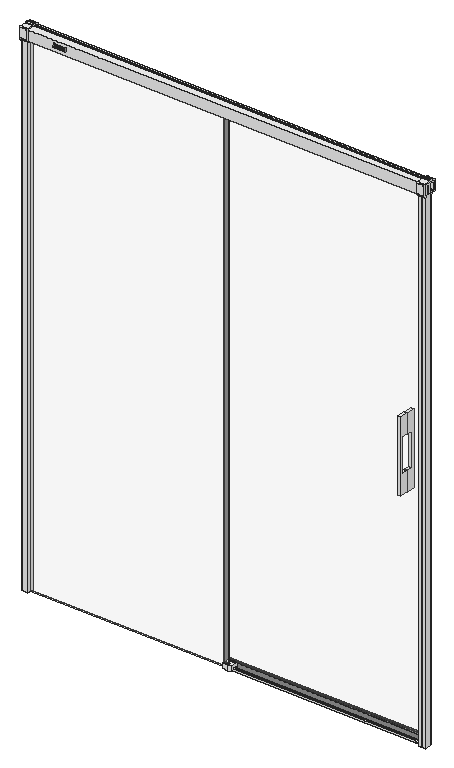
Revit family "Sanitary_Shower-screens_Duscholux_DuschoGredel_DuschoTiara_Slider-door-shower", category Plumbing Fixtures, Revit 2017
Family settings
  Round Connector Dimension = Use Diameter
  Part Type = Normal
  OmniClass Number = 23.45.00.00
  OmniClass Title = Sanitary, Laundry, and Cleaning Equipment
  Work Plane-Based = No
  Always vertical = Yes
  Cut with Voids When Loaded = No
  Shared = No
  Room Calculation Point = No
Parameters (values of type "White Aluminium Finish")
  Uniclass 2015 Description = "Shower Enclosures"
  Uniclass 2015 Code = "PR-40-20-06-79"
  URL = "http://www.duscholux.es/"
  UNSPSC Code = "30181507"
  Thickness Safety Glass Sliding = 5 mm  # constant formula
  Text visibility = yes
  Technical Inspection Certificate (Applus) = "http://www.duscholux.es/resources/custom/var/APPLUS_en.pdf"
  Series = "Duscho Gredel"
  Region South America = "Consult"
  Region Oceania = "Consult"
  Region North America = "Consult"
  Region Middle East = "Consult"
  Region Europe = "AD, ES, FR, PT"
  Region Asia = "Consult"
  Region Antartica = "Consult"
  Region Africa = "Consult"
  Ref. = "6AL / 6AR"
  Products = "http://www.duscholux.es/mamparas_filtro.aspx?es"
  Product group = "Front for shower"
  Product family = "Duscho Gredel"
  Optional = "Towel rail / Shelf"
  Opening System Image = "http://blob.duscholux.es/pluma512/FDIzq1f1pcorredera.gif"
  Opening System = "Sliding"
  Opening Percentage = 0
  Net Weight (Kg) = 58.6
  NBS Reference Description = "Shower Enclosures"
  NBS Reference Code = "45-35-70"
  Model = "DuschoTiara"
  Manufacturer name = "Duscholux Ibérica, S.A."
  Manufacturer country = "Spain"
  Maintenance and Cleaning = "http://www.duscholux.es/mamparas_limpieza.aspx?en"
  Logo visibility = yes
  Image = "http://www.duscholux.es/resources/custom/img/mamparas/DUSCHO%20GREDEL/modelos/1F1PFDC/mampara_h.jpg"
  IFC Classification = "Furnishing Element"
  Handle Material = White Finish Acc
  Glass in Building UNE EN 12150 = "CE Conformity marking"
  Glass Material = Glass_Material-Duscholux
  Frame Material = White Aluminium Finish
  Fact Sheet = "http://blob.duscholux.es/enpdf2018/Tiara1F1PFD.pdf"
  Manufacturer = "Duscholux Ibérica, S.A."
  Thickness Safety Glass Fixed Panel = 8 mm  # constant formula
  Environmental Management ISO 14001 = "ECOEMBES Certificate"
  Edition number = "1"
  Design country = "Spain / Germany"
  Description = "Front 1 fixed + 1 sliding door shower."
  Date of publishing = ""
  Configuration enclosure = "http://configuratumampara.duscholux.es/eCatalogo.aspx"
  Components = "Eropean components"
  Combinations = "Lateral 90°"
  Brand = "Duscholux"
  Assembly Code = "C1030200"
  Certified Quality UNE EN 14428 = "http://www.duscholux.es/duscholux_downloads.aspx?es"
  COBIe Type Category = ""
  Opening Door = ((Min Max Width / 2) - 155 mm) * Opening Percentage / 100  # 0 mm
  Sliding Door Width = (Min Max Width / 2) - 45 mm + 14 mm  # 769 mm
  Min Max Width = if(Width < 1160 mm, 1160 mm, if(Width > 2000 mm, 2000 mm, Width))  # 1600 mm
  Width = 1600 mm
  Handle Height = Max Height / 2  # 1000 mm
  Max Height = if(Height > 2000 mm, 2000 mm, Height)  # 2000 mm
  Height = 2000 mm
  Accesories Material = White Finish Acc
Types (5, lengths in mm): name | Handle Material | Frame Material | Description | Sliding Door Width | Min Max Width | Width | Handle Height | Max Height | Height | Accesories Material
  (no name) | White Finish Acc | White Aluminium Finish | "Front 1 fixed + 1 sliding door shower." | 769 | 1600 | 1600 | 1000 | 2000 | 2000 | White Finish Acc
  White Aluminium Finish | White Finish Acc | White Aluminium Finish | "Front 1 fixed + 1 sliding door shower." | 769 | 1600 | 1600 | 1000 | 2000 | 2000 | White Finish Acc
  Silver Matt Aluminium Finish | Zamak | Silver Matt Aluminium Finish | "Front 1 fixed + 1 sliding door shower." | 864.584 | 1791.168 | 1791.168 | 1000 | 2000 | 2000 | Chrome Finish
  Platinum Aluminium Finish | Zamak | Platinum Aluminium Finish | "Front 1 fixed + 1 sliding door shower." | 719 | 1500 | 1500 | 900 | 1800 | 1800 | Silver Matt Finish
  Black Aluminium Finish | Zamak | Black Aluminium Finish | "Front 1 fixed + 1 sliding door shower" | 869 | 1800 | 1800 | 900 | 1800 | 1800 | Chrome Finish
Reference planes
  plane 1 "Centro (Frontal/Posterior)": y = 0
  plane 2: z = 0
  plane 3 "Centro (Izquierda/Derecha)": x = 0
  plane 4: x = 805.5
  plane 5: y = 23.489
  plane 6: y = 4
  plane 7: y = -4
  plane 8: x = 1546.25
  plane 9: z = 2000
  plane 10: z = 1959.85
  plane 11: z = 1957.85
  plane 12: x = 1591.5
  plane 13: x = -8.5
  plane 14: x = 18
  plane 15: z = 1000
  plane 16: x = 1560
  plane 17: x = 791.5
  plane 18: x = 777.25
Forms (mm)
  Extrusion 1, solid, material "Glass_Material-Duscholux" <- "Glass Material"
    sketch origin (500, 0, 0) x (1, 0, 0) y (0, 1, 0)
      loop
        line (-500, 4) -> (-500, -4) -> (305.5, -4) -> (305.5, 4) -> (-500, 4)
    from 1.937 to 1985
  Extrusion 2, solid, material "Glass_Material-Duscholux" <- "Glass Material"
    sketch origin (-290, 0, 0) x (1, 0, 0) y (0, 1, 0)
      loop
        line (1067.25, 25.989) -> (1067.25, 20.989) -> (1836.25, 20.989) -> (1836.25, 25.989) -> (1067.25, 25.989)
    from 3.247 to 1985
  Extrusion 3, solid, material "White Finish Acc" <- "Accesories Material"
    sketch origin (15, 0, 0) x (1, 0, 0) y (0, 1, 0)
      loop
        line (805.5, 30.989) -> (770.5, 30.989) -> (770.5, -8.011) -> (792.5, -8.011) -> (805.5, -4.011) -> (805.5, 30.989)
    from 0 to 18
  Extrusion 4, void
    sketch origin (15, 0, 0) x (1, 0, 0) y (0, 1, 0)
      loop
        line (770.5, 27.32) -> (770.5, 19.755) -> (805.5, 19.755) -> (805.5, 27.32) -> (770.5, 27.32)
    from 1.937 to 18
  Extrusion 5, void
    sketch origin (15, -100, 0) x (1, 0, 0) y (0, 1, 0)
      loop
        line (790.5, 104) -> (770.5, 104) -> (770.5, 96) -> (790.5, 96) -> (790.5, 104)
    from 1.937 to 18
  Extrusion 6, solid, material "White Aluminium Finish" <- "Frame Material"
    sketch origin (0, 0, 0) x (1, 0, 0) y (0, 1, 0)
      loop
        line (18, 14.7) -> (-8.5, 14.7) -> (-8.5, -10.5) -> (18, -10.5) -> (18, -4.3) -> (7.35, -4.3) -> (7.35, -9) -> (-7, -9) -> (-7, 0) -> (-7, 13.2) -> (7.35, 13.2) -> (7.35, 4.3) -> (18, 4.3) -> (18, 14.7)
    from 0 to 1959.85
  Extrusion 7, solid, material "White Aluminium Finish" <- "Frame Material"
    sketch origin (1452.5, 0, 0) x (-1, 0, 0) y (0, -1, 0)
      loop
        line (-112.5, -14.7) -> (-112.5, -4.3) -> (-123.15, -4.3) -> (-123.15, -13.2) -> (-137.5, -13.2) -> (-137.5, 0) -> (-137.5, 9) -> (-123.15, 9) -> (-123.15, 4.3) -> (-112.5, 4.3) -> (-112.5, 10.5) -> (-139, 10.5) -> (-139, -14.7) -> (-112.5, -14.7)
    from 0 to 1959.85
  Extrusion 8, solid, material "White Aluminium Finish" <- "Frame Material"
    sketch origin (74.5, 0, 0) x (1, 0, 0) y (0, 1, 0)
      loop
        line (1479, 28.237) -> (1479, 18.737) -> (1485.5, 18.737) -> (1485.5, -3.9) -> (1513.15, -3.9) -> (1513.15, 0) -> (1513.15, 3.9) -> (1487, 3.9) -> (1487, 14.9) -> (1517, 14.9) -> (1517, 16.4) -> (1487, 16.4) -> (1487, 28.237) -> (1479, 28.237)
    from 0 to 1959.85
  Extrusion 9, solid, material "Plástico, transparente", detail levels fine
    sketch origin (0, -145.181, 3.42) x (0, 1, 0) y (0, 0, 1)
      loop
        line (194.949, 4.519) -> (171.958, 16.536)
        arc (171.958, 16.536) -> (171.38, 16.476) -> (171.21, 15.92) r 0.526
        line (171.21, 15.92) -> (171.449, 15) -> (171.449, -0.173) -> (165.989, -0.173) -> (165.989, 16.735) -> (164.936, 16.612) -> (164.936, -1.483) -> (172.501, -1.483) -> (172.501, 12.27)
        arc (172.501, 12.27) -> (172.794, 12.905) -> (173.466, 13.094) r 0.834
        line (173.466, 13.094) -> (193.449, 3.5) -> (193.449, -2.213)
        arc (193.449, -2.213) -> (194.154, -2.647) -> (194.949, -2.414) r 1.02
        line (194.949, -2.414) -> (194.949, 4.519)
    from 782.25 to 1546.25
  Extrusion 10, void
    sketch origin (0, -100, 0) x (0, 1, 0) y (0, 0, 1)
      loop
        line (130.989, 15.216) -> (130.989, 18) -> (127.32, 18) -> (127.32, 16.927) -> (130.989, 15.216)
    from 785.5 to 820.5
  Extrusion 11, solid, material "White Aluminium Finish" <- "Frame Material"
    sketch origin (0, 0, 0) x (0, 1, 0) y (0, 0, 1)
      loop
        line (-16, 2000) -> (-16, 1959.85) -> (-6.5, 1959.85) -> (-6.5, 1994) -> (0, 1994) -> (6.5, 1994) -> (6.5, 1959.85) -> (18.5, 1959.85) -> (18.5, 1963.85) -> (9.5, 1963.85) -> (9.5, 1995.261) -> (23.519, 1995.261) -> (23.519, 1998.011) -> (31.069, 1998.011) -> (31.069, 1961.861) -> (29.669, 1961.861) -> (29.669, 1959.861) -> (33.069, 1959.861) -> (33.069, 1997.011)
        arc (33.069, 1997.011) -> (32.191, 1999.132) -> (30.069, 2000.011) r 3
        line (30.069, 2000.011) -> (21.519, 2000.011) -> (21.519, 1997.261) -> (12.519, 1997.261) -> (12.519, 2000) -> (-16, 2000)
      loop
        line (-9.5, 1991.05) -> (-13, 1991.05) -> (-13, 1963.85) -> (-9.5, 1963.85) -> (-9.5, 1991.05)
    from -8.5 to 1591.5
  Extrusion 12, solid, material "White Finish Acc" <- "Accesories Material"
    sketch origin (0, 0, 0) x (0, 1, 0) y (0, 0, 1)
      loop
        arc (-15, 2002.011) -> (-17.121, 2001.132) -> (-18, 1999.011) r 3
        line (-18, 1999.011) -> (-18, 1961.188)
        arc (-18, 1961.188) -> (-16.882, 1958.721) -> (-14.289, 1957.935) r 3.281
        line (-14.289, 1957.935) -> (-14.288, 1953.858) -> (-10.5, 1953.858) -> (-10.5, 1959.85) -> (-16, 1959.85) -> (-16, 2000) -> (30.191, 2000)
        arc (30.191, 2000) -> (32.266, 1999.117) -> (33.069, 1997.011) r 2.881
        line (33.069, 1997.011) -> (33.069, 1959.861) -> (14.7, 1959.861) -> (14.7, 1953.858) -> (18.5, 1953.858) -> (18.5, 1957.85) -> (32.069, 1957.85)
        arc (32.069, 1957.85) -> (34.191, 1958.729) -> (35.069, 1960.85) r 3
        line (35.069, 1960.85) -> (35.069, 1997.011)
        arc (35.069, 1997.011) -> (33.605, 2000.546) -> (30.069, 2002.011) r 5
        line (30.069, 2002.011) -> (21.49, 2002.011)
        arc (21.49, 2002.011) -> (20.786, 2004.401) -> (18.52, 2005.435) r 3
        line (18.52, 2005.435) -> (12.519, 2005.435) -> (12.519, 2002.011) -> (-15, 2002.011)
    from -8.5 to 19.5
  Extrusion 13, solid, material "White Finish Acc" <- "Accesories Material"
    sketch origin (0, 0, 0) x (0, 1, 0) y (0, 0, 1)
      loop
        arc (-15, 2002.011) -> (-17.121, 2001.132) -> (-18, 1999.011) r 3
        line (-18, 1999.011) -> (-18, 1961.188)
        arc (-18, 1961.188) -> (-16.882, 1958.721) -> (-14.289, 1957.935) r 3.281
        line (-14.289, 1957.935) -> (-14.289, 1953.858) -> (-10.5, 1953.858) -> (-10.5, 1959.85) -> (-16, 1959.85) -> (-16, 2000) -> (30.191, 2000)
        arc (30.191, 2000) -> (32.266, 1999.117) -> (33.069, 1997.011) r 2.881
        line (33.069, 1997.011) -> (33.069, 1959.861) -> (16.4, 1959.861) -> (16.4, 1953.858) -> (19.787, 1953.858) -> (19.787, 1957.85) -> (32.069, 1957.85)
        arc (32.069, 1957.85) -> (34.191, 1958.729) -> (35.069, 1960.85) r 3
        line (35.069, 1960.85) -> (35.069, 1997.011)
        arc (35.069, 1997.011) -> (33.605, 2000.546) -> (30.069, 2002.011) r 5
        line (30.069, 2002.011) -> (21.49, 2002.011)
        arc (21.49, 2002.011) -> (20.786, 2004.401) -> (18.52, 2005.435) r 3
        line (18.52, 2005.435) -> (12.519, 2005.435) -> (12.519, 2002.011) -> (-15, 2002.011)
    from 1563.5 to 1591.5
  Extrusion 14, solid, material "White Finish Acc" <- "Accesories Material"
    sketch origin (0, 0, 0) x (0, 1, 0) y (0, 0, 1)
      loop
        line (-2.433, 7.579) -> (-2.433, 0) -> (7.636, 0) -> (7.636, 7.574)
        arc (7.636, 7.574) -> (6.912, 9.32) -> (5.166, 10.043) r 2.47
        line (5.166, 10.043) -> (0.032, 10.043)
        arc (0.032, 10.043) -> (-1.711, 9.321) -> (-2.433, 7.579) r 2.465
    from 820.5 to 1560
  Extrusion 15, solid, material "Plástico, transparente", detail levels fine
    sketch origin (-254.055, 0, 0) x (1, 0, 0) y (0, 1, 0)
      loop
        line (1036.305, 26.267) -> (1036.305, 27.32) -> (1030.005, 27.32) -> (1030.005, 19.707) -> (1035.305, 19.707) -> (1035.305, 5.807) -> (1036.305, 5.807) -> (1036.305, 20.807) -> (1031.305, 20.807) -> (1031.305, 26.267) -> (1036.305, 26.267)
    from 1.937 to 1985
  Extrusion 16, solid, material "White Aluminium Finish" <- "Frame Material"
    sketch origin (8.832, 0, 0) x (1, 0, 0) y (0, 1, 0)
      loop
        line (1542.718, 25.887) -> (1542.718, 26.947)
        arc (1542.718, 26.947) -> (1542.416, 27.742) -> (1541.661, 28.136) r 1.197
        arc (1541.661, 28.136) -> (1538.467, 28.316) -> (1535.458, 27.231) r 8
        arc (1535.458, 27.231) -> (1535.177, 26.566) -> (1535.718, 26.087) r 0.619
        line (1535.718, 26.087) -> (1537.418, 26.087) -> (1537.418, 20.89) -> (1535.718, 20.89)
        arc (1535.718, 20.89) -> (1535.177, 20.411) -> (1535.458, 19.746) r 0.619
        arc (1535.458, 19.746) -> (1538.467, 18.661) -> (1541.661, 18.841) r 8
        arc (1541.661, 18.841) -> (1542.416, 19.235) -> (1542.718, 20.03) r 1.197
        line (1542.718, 20.03) -> (1542.718, 21.09) -> (1544.65, 21.09) -> (1544.65, 25.887) -> (1542.718, 25.887)
      loop
        line (1538.418, 27.187) -> (1538.418, 19.787) -> (1541.918, 19.787) -> (1541.918, 27.187) -> (1538.418, 27.187)
    from 0 to 1985
Cuts and joins
  Extrusion 4 cuts Extrusion 2
  Extrusion 4, Extrusion 5, Extrusion 10 cuts Extrusion 3
  Extrusion 5 cuts Extrusion 1
Lines and regions (mm)
  reference lines
    curve 1: line (0, 14.7, 1953.858) -> (0, 18.5, 1953.858)
    curve 2: line (0, 14.7, 1953.858) -> (0, 18.5, 1953.858)
    curve 3: line (0, -2.4, 0) -> (0, -2.4, 10)
Dimensions and locks
  locked: Extrusion 3 to Extrusion 3 at 18
  equal spacing: plane 6, plane 1 "Centro (Frontal/Posterior)", plane 7
  "Thickness Safety Glass Fixed Panel": plane 6 to plane 7
  "Thickness Safety Glass Sliding": cut or joined group of Extrusion 2, Extrusion 4 to cut or joined group of Extrusion 2, Extrusion 4
  locked: plane 9 to cut or joined group of Extrusion 1, Extrusion 5 at 15  (x2)
  locked: plane 9 to plane 10 at 40.15
  locked: Extrusion 12 to Extrusion 12 at 28
  locked: Extrusion 13 to Extrusion 13 at 28
  plane 11 to plane 10 = 2 mm
  locked: plane 10 to plane 11 at 2
  "Width": plane 13 to plane 12
  locked: plane 8 to plane 12 at 45.25
  locked: plane 13 to plane 3 "Centro (Izquierda/Derecha)" at 8.5
  "Handle Height": plane 15 to level
  level to Extrusion 14 = 10.043 mm
  locked: plane 16 to plane 12 at 31.5
  equal spacing: plane 13, plane 17, plane 12
  Extrusion 15 to plane 17 = 9.25 mm
  locked: Extrusion 15 to Extrusion 15 at 6.3
  locked: Extrusion 15 to Extrusion 15 at 1.3
  locked: plane 17 to plane 4 at 14
  locked: plane 17 to cut or joined group of Extrusion 3, Extrusion 4, Extrusion 5, Extrusion 10 at 29
  locked: cut or joined group of Extrusion 3, Extrusion 4, Extrusion 5, Extrusion 10 to plane 17 at 6
  locked: plane 18 to plane 17 at 14.25
  "Sliding Door Width": Extrusion 15 to cut or joined group of Extrusion 2, Extrusion 4
  "Opening Door": cut or joined group of Extrusion 2, Extrusion 4 to plane 8
  locked: nested 2 to Extrusion 9 at 60
  locked: Extrusion 15 to Extrusion 15 at 1
  locked: plane 13 to nested 3 at 156.5
  "Max Height": plane 9 to plane 2
  aligned and locked: level to plane 2
  aligned and locked: Extrusion 4 sketch curve to Extrusion 3
  aligned and locked: cut or joined group of Extrusion 3, Extrusion 4, Extrusion 5, Extrusion 10 to Extrusion 5 sketch curve
  aligned and locked: cut or joined group of Extrusion 3, Extrusion 4, Extrusion 5, Extrusion 10 to Extrusion 4
  aligned and locked: plane 6 to cut or joined group of Extrusion 1, Extrusion 5
  aligned and locked: plane 7 to cut or joined group of Extrusion 1, Extrusion 5
  aligned and locked: Extrusion 2 to Extrusion 9
  aligned and locked: cut or joined group of Extrusion 3, Extrusion 4, Extrusion 5, Extrusion 10 to cut or joined group of Extrusion 1, Extrusion 5  (x3)
  aligned and locked: cut or joined group of Extrusion 1, Extrusion 5 to cut or joined group of Extrusion 3, Extrusion 4, Extrusion 5, Extrusion 10
  aligned and locked: cut or joined group of Extrusion 2, Extrusion 4 to cut or joined group of Extrusion 1, Extrusion 5
  aligned and locked: Extrusion 11 sketch curve to plane 9
  aligned and locked: Extrusion 11 sketch curve to Extrusion 11 sketch curve
  aligned and locked: Extrusion 11 to Extrusion 6
  aligned and locked: Extrusion 7 to Extrusion 11
  aligned and locked: Extrusion 11 to plane 10
  aligned and locked: plane 10 to Extrusion 6
  aligned and locked: plane 10 to Extrusion 7
  aligned and locked: cut or joined group of Extrusion 3, Extrusion 4, Extrusion 5, Extrusion 10 to cut or joined group of Extrusion 2, Extrusion 4
  aligned and locked: cut or joined group of Extrusion 3, Extrusion 4, Extrusion 5, Extrusion 10 to cut or joined group of Extrusion 3, Extrusion 4, Extrusion 5, Extrusion 10  (x2)
  aligned and locked: Extrusion 12 to Extrusion 11
  aligned and locked: Extrusion 7 to Extrusion 13
  aligned and locked: Extrusion 6 to plane 13
  aligned and locked: cut or joined group of Extrusion 1, Extrusion 5 to plane 3 "Centro (Izquierda/Derecha)"
  aligned and locked: plane 12 to Extrusion 7
  aligned and locked: plane 15 to nested 1
  aligned and locked: nested 2 to plane 15
  aligned and locked: Extrusion 14 to cut or joined group of Extrusion 3, Extrusion 4, Extrusion 5, Extrusion 10
  aligned and locked: plane 16 to Extrusion 14
  aligned and locked: plane 10 to Extrusion 8
  aligned and locked: cut or joined group of Extrusion 1, Extrusion 5 to Extrusion 15
  aligned and locked: Extrusion 9 to cut or joined group of Extrusion 2, Extrusion 4
  aligned and locked: Extrusion 15 to cut or joined group of Extrusion 2, Extrusion 4
  aligned and locked: plane 4 to cut or joined group of Extrusion 1, Extrusion 5
  aligned and locked: cut or joined group of Extrusion 3, Extrusion 4, Extrusion 5, Extrusion 10 to Extrusion 14
  aligned and locked: nested 2 to nested 1
  aligned and locked: Extrusion 9 to Extrusion 15
  aligned and locked: Extrusion 15 to Extrusion 15
  aligned and locked: Extrusion 16 to cut or joined group of Extrusion 2, Extrusion 4  (x2)
Automatic sketch dimensions
  Extrusion 1 sketch curve to plane 3 "Centro (Izquierda/Derecha)" = 0 mm
  Extrusion 1 sketch curve to plane 4 = 0 mm
  plane 7 to Extrusion 1 sketch curve = 0 mm
  Extrusion 1 sketch curve to plane 6 = 0 mm
  Extrusion 2 sketch curve to plane 8 = 0 mm
  plane 5 to Extrusion 2 sketch curve = 2.5 mm
  Extrusion 2 sketch curve to plane 5 = 2.5 mm
  plane 4 to Extrusion 3 sketch curve = 2 mm
  plane 7 to Extrusion 3 sketch curve = 0.011 mm
  Extrusion 3 sketch curve to Extrusion 3 sketch curve = 13 mm
  plane 7 to Extrusion 3 sketch curve = 4.011 mm
  Extrusion 3 sketch curve to plane 5 = 7.5 mm
  plane 5 to Extrusion 4 sketch curve = 3.734 mm
  plane 4 to Extrusion 4 sketch curve = 15 mm
  Extrusion 4 sketch curve to plane 5 = 3.831 mm
  Extrusion 5 sketch curve to plane 4 = 0 mm
  plane 7 to Extrusion 5 sketch curve = 0 mm
  Extrusion 5 sketch curve to plane 6 = 0 mm
  curve 3 to level = 0 mm
  plane 11 to curve 2 = 3.992 mm
  plane 5 to curve 2 = 8.789 mm
  curve 1 to curve 2 = 3.8 mm
  curve 3 to plane 7 = 1.6 mm
  level to curve 3 = 10 mm
  Extrusion 6 sketch curve to plane 13 = 0 mm
  plane 1 "Centro (Frontal/Posterior)" to Extrusion 6 sketch curve = 0 mm
  Extrusion 6 sketch curve to plane 14 = 0 mm  (x2)
  plane 13 to Extrusion 6 sketch curve = 1.5 mm
  plane 3 "Centro (Izquierda/Derecha)" to Extrusion 6 sketch curve = 7.35 mm  (x2)
  plane 6 to Extrusion 6 sketch curve = 0.3 mm
  plane 7 to Extrusion 6 sketch curve = 0.3 mm
  plane 7 to Extrusion 6 sketch curve = 5 mm
  Extrusion 6 sketch curve to Extrusion 6 sketch curve = 1.5 mm
  plane 6 to Extrusion 6 sketch curve = 9.2 mm
  plane 5 to Extrusion 6 sketch curve = 8.789 mm
  Extrusion 7 sketch curve to plane 12 = 0 mm
  plane 1 "Centro (Frontal/Posterior)" to Extrusion 7 sketch curve = 0 mm
  plane 12 to Extrusion 7 sketch curve = 1.5 mm
  Extrusion 7 sketch curve to plane 7 = 5 mm
  Extrusion 7 sketch curve to Extrusion 7 sketch curve = 14.35 mm
  Extrusion 7 sketch curve to plane 6 = 0.3 mm
  Extrusion 7 sketch curve to Extrusion 7 sketch curve = 0 mm
  Extrusion 7 sketch curve to plane 16 = 5 mm  (x2)
  Extrusion 7 sketch curve to Extrusion 7 sketch curve = 1.5 mm
  Extrusion 7 sketch curve to plane 7 = 0.3 mm
  Extrusion 7 sketch curve to plane 6 = 9.2 mm
  Extrusion 7 sketch curve to plane 5 = 8.789 mm
  Extrusion 8 sketch curve to plane 16 = 0 mm
  plane 1 "Centro (Frontal/Posterior)" to Extrusion 8 sketch curve = 0 mm
  Extrusion 8 sketch curve to plane 12 = 0 mm
  Extrusion 8 sketch curve to plane 16 = 6.5 mm
  plane 16 to Extrusion 8 sketch curve = 1.5 mm  (x2)
  Extrusion 8 sketch curve to plane 6 = 0.1 mm
  Extrusion 8 sketch curve to plane 12 = 3.85 mm
  Extrusion 8 sketch curve to plane 7 = 0.1 mm
  plane 5 to Extrusion 8 sketch curve = 8.589 mm
  Extrusion 8 sketch curve to Extrusion 8 sketch curve = 1.5 mm
  plane 5 to Extrusion 8 sketch curve = 4.751 mm
  Extrusion 8 sketch curve to plane 5 = 4.749 mm
  plane 5 to Extrusion 9 sketch curve = 3.734 mm
  Extrusion 9 sketch curve to Extrusion 9 sketch curve = 1.053 mm  (x2)
  Extrusion 9 sketch curve to plane 5 = 2.54 mm
  Extrusion 9 sketch curve to plane 5 = 2.779 mm
  Extrusion 9 sketch curve to Extrusion 9 sketch curve = 0.504 mm
  Extrusion 9 sketch curve to Extrusion 9 sketch curve = 0.244 mm
  Extrusion 9 sketch curve to Extrusion 9 sketch curve = 0.834 mm
  Extrusion 9 sketch curve to Extrusion 9 sketch curve = 0.131 mm
  level to Extrusion 9 sketch curve = 6.92 mm
  Extrusion 9 sketch curve to Extrusion 9 sketch curve = 20.947 mm
  Extrusion 9 sketch curve to Extrusion 9 sketch curve = 0.841 mm
  Extrusion 9 sketch curve to Extrusion 9 sketch curve = 1.5 mm
  level to Extrusion 9 sketch curve = 3.247 mm
  Extrusion 9 sketch curve to Extrusion 9 sketch curve = 1.31 mm
  level to Extrusion 9 sketch curve = 1.785 mm
  Extrusion 9 sketch curve to Extrusion 9 sketch curve = 0.578 mm
  Extrusion 9 sketch curve to Extrusion 9 sketch curve = 1.019 mm
  Extrusion 9 sketch curve to Extrusion 9 sketch curve = 12.444 mm
  Extrusion 9 sketch curve to Extrusion 9 sketch curve = 1.906 mm
  Extrusion 9 sketch curve to Extrusion 9 sketch curve = 0.92 mm
  Extrusion 9 sketch curve to Extrusion 9 sketch curve = 0.15 mm
  Extrusion 9 sketch curve to Extrusion 9 sketch curve = 0.692 mm
  Extrusion 9 sketch curve to Extrusion 9 sketch curve = 0.123 mm
  Extrusion 10 sketch curve to plane 5 = 3.831 mm
  Extrusion 10 sketch curve to Extrusion 10 sketch curve = 3.669 mm
  level to Extrusion 10 sketch curve = 15.216 mm
  Extrusion 10 sketch curve to Extrusion 10 sketch curve = 1.711 mm
  Extrusion 10 sketch curve to Extrusion 10 sketch curve = 2.784 mm
  Extrusion 11 sketch curve to plane 10 = 0 mm  (x2)
  Extrusion 11 sketch curve to plane 1 "Centro (Frontal/Posterior)" = 0 mm
  plane 7 to Extrusion 11 sketch curve = 2.5 mm
  Extrusion 11 sketch curve to Extrusion 11 sketch curve = 3 mm  (x3)
  Extrusion 11 sketch curve to Extrusion 11 sketch curve = 3.5 mm
  plane 6 to Extrusion 11 sketch curve = 2.5 mm
  Extrusion 11 sketch curve to Extrusion 11 sketch curve = 3.019 mm
  plane 5 to Extrusion 11 sketch curve = 4.989 mm
  plane 9 to Extrusion 11 sketch curve = 0.011 mm
  plane 5 to Extrusion 11 sketch curve = 1.969 mm
  Extrusion 11 sketch curve to plane 5 = 0.031 mm
  plane 10 to Extrusion 11 sketch curve = 0.011 mm
  Extrusion 11 sketch curve to plane 5 = 6.181 mm
  Extrusion 11 sketch curve to plane 5 = 6.581 mm
  Extrusion 11 sketch curve to Extrusion 11 sketch curve = 1 mm  (x2)
  Extrusion 11 sketch curve to Extrusion 11 sketch curve = 2 mm
  plane 10 to Extrusion 11 sketch curve = 2.011 mm
  plane 10 to Extrusion 11 sketch curve = 4 mm
  Extrusion 11 sketch curve to plane 9 = 8.95 mm
  Extrusion 11 sketch curve to Extrusion 11 sketch curve = 2.95 mm
  Extrusion 11 sketch curve to plane 9 = 4.739 mm
  Extrusion 11 sketch curve to plane 9 = 2.739 mm
  Extrusion 12 sketch curve to plane 10 = 0 mm
  Extrusion 12 sketch curve to plane 9 = 0 mm
  plane 11 to Extrusion 12 sketch curve = 0 mm
  plane 10 to Extrusion 12 sketch curve = 1.338 mm
  plane 7 to Extrusion 12 sketch curve = 14 mm
  Extrusion 12 sketch curve to Extrusion 12 sketch curve = 2 mm
  Extrusion 12 sketch curve to Extrusion 12 sketch curve = 1 mm  (x2)
  Extrusion 12 sketch curve to Extrusion 12 sketch curve = 1.281 mm
  Extrusion 12 sketch curve to plane 11 = 0.085 mm
  plane 11 to Extrusion 12 sketch curve = 3.992 mm  (x2)
  Extrusion 12 sketch curve to Extrusion 12 sketch curve = 0.001 mm
  Extrusion 12 sketch curve to Extrusion 12 sketch curve = 3.789 mm
  plane 9 to Extrusion 12 sketch curve = 2.011 mm  (x2)
  plane 6 to Extrusion 12 sketch curve = 8.519 mm
  plane 5 to Extrusion 12 sketch curve = 8.789 mm
  Extrusion 12 sketch curve to Extrusion 12 sketch curve = 3.8 mm
  plane 9 to Extrusion 12 sketch curve = 2.435 mm
  plane 5 to Extrusion 12 sketch curve = 4.969 mm
  plane 5 to Extrusion 12 sketch curve = 1.999 mm
  Extrusion 12 sketch curve to plane 5 = 6.581 mm
  Extrusion 12 sketch curve to Extrusion 12 sketch curve = 0.121 mm
  Extrusion 12 sketch curve to plane 5 = 8.581 mm
  plane 10 to Extrusion 12 sketch curve = 0.011 mm
  plane 10 to Extrusion 12 sketch curve = 1 mm
  Extrusion 12 sketch curve to Extrusion 12 sketch curve = 0 mm
  Extrusion 13 sketch curve to plane 10 = 0 mm
  Extrusion 13 sketch curve to plane 9 = 0 mm
  plane 11 to Extrusion 13 sketch curve = 0 mm
  plane 10 to Extrusion 13 sketch curve = 1.338 mm
  plane 7 to Extrusion 13 sketch curve = 14 mm
  Extrusion 13 sketch curve to Extrusion 13 sketch curve = 2 mm
  Extrusion 13 sketch curve to Extrusion 13 sketch curve = 1 mm  (x2)
  Extrusion 13 sketch curve to Extrusion 13 sketch curve = 1.281 mm
  Extrusion 13 sketch curve to Extrusion 13 sketch curve = 1.711 mm
  Extrusion 13 sketch curve to Extrusion 13 sketch curve = 3.789 mm
  plane 9 to Extrusion 13 sketch curve = 2.011 mm  (x2)
  plane 6 to Extrusion 13 sketch curve = 8.519 mm
  plane 5 to Extrusion 13 sketch curve = 7.089 mm
  plane 9 to Extrusion 13 sketch curve = 2.435 mm
  plane 5 to Extrusion 13 sketch curve = 4.969 mm
  plane 5 to Extrusion 13 sketch curve = 3.701 mm
  plane 5 to Extrusion 13 sketch curve = 1.999 mm
  Extrusion 13 sketch curve to plane 5 = 6.581 mm
  Extrusion 13 sketch curve to Extrusion 13 sketch curve = 0.121 mm
  Extrusion 13 sketch curve to plane 5 = 8.581 mm
  plane 10 to Extrusion 13 sketch curve = 0.011 mm
  plane 10 to Extrusion 13 sketch curve = 1 mm
  plane 11 to Extrusion 13 sketch curve = 3.992 mm  (x2)
  Extrusion 13 sketch curve to Extrusion 13 sketch curve = 0 mm
  Extrusion 14 sketch curve to level = 0 mm
  Extrusion 14 sketch curve to plane 7 = 1.567 mm
  Extrusion 14 sketch curve to plane 1 "Centro (Frontal/Posterior)" = 0.032 mm
  plane 6 to Extrusion 14 sketch curve = 1.166 mm
  plane 6 to Extrusion 14 sketch curve = 3.636 mm
  Extrusion 14 sketch curve to Extrusion 14 sketch curve = 7.574 mm
  Extrusion 15 sketch curve to plane 5 = 3.831 mm
  Extrusion 15 sketch curve to Extrusion 15 sketch curve = 1.3 mm
  Extrusion 15 sketch curve to Extrusion 15 sketch curve = 5.3 mm
  Extrusion 15 sketch curve to Extrusion 15 sketch curve = 1 mm
  Extrusion 15 sketch curve to Extrusion 15 sketch curve = 5 mm
  Extrusion 15 sketch curve to Extrusion 15 sketch curve = 1.053 mm
  plane 5 to Extrusion 15 sketch curve = 2.681 mm
  Extrusion 15 sketch curve to Extrusion 15 sketch curve = 1.1 mm
  plane 6 to Extrusion 15 sketch curve = 1.807 mm
  Extrusion 3 sketch curve to plane 17 = 6 mm
  Extrusion 2 sketch curve to plane 17 = 14.25 mm
  Extrusion 15 sketch curve to plane 17 = 15.55 mm
  Extrusion 16 sketch curve to Extrusion 16 sketch curve = 0.062 mm  (x2)
  Extrusion 16 sketch curve to Extrusion 16 sketch curve = 1.203 mm  (x2)
  Extrusion 16 sketch curve to Extrusion 16 sketch curve = 1.9 mm  (x2)
  Extrusion 16 sketch curve to Extrusion 16 sketch curve = 0.397 mm
  Extrusion 16 sketch curve to Extrusion 16 sketch curve = 0.8 mm  (x2)
  Extrusion 16 sketch curve to Extrusion 16 sketch curve = 1.932 mm
  Extrusion 16 sketch curve to Extrusion 16 sketch curve = 0.243 mm
  Extrusion 16 sketch curve to Extrusion 16 sketch curve = 0.487 mm
  Extrusion 16 sketch curve to Extrusion 16 sketch curve = 0.613 mm
  Extrusion 16 sketch curve to Extrusion 16 sketch curve = 1.103 mm
  Extrusion 16 sketch curve to Extrusion 16 sketch curve = 1.06 mm  (x2)
  Extrusion 16 sketch curve to Extrusion 16 sketch curve = 0.49 mm
  Extrusion 16 sketch curve to Extrusion 16 sketch curve = 0.616 mm
  Extrusion 16 sketch curve to Extrusion 16 sketch curve = 0.24 mm
  Extrusion 16 sketch curve to Extrusion 16 sketch curve = 0 mm  (x3)
  Extrusion 16 sketch curve to Extrusion 16 sketch curve = 0.69 mm
  Extrusion 16 sketch curve to Extrusion 16 sketch curve = 1.7 mm
  Extrusion 16 sketch curve to Extrusion 16 sketch curve = 1 mm
  Extrusion 16 sketch curve to Extrusion 16 sketch curve = 4.798 mm
  Extrusion 16 sketch curve to plane 8 = 0 mm
  plane 5 to Extrusion 16 sketch curve = 3.701 mm
Nested families
  nested 1: "Handle-Gredel" at (1486.25, 20.989, 1000) x (-1, 0, 0) z (0, -1, 0), type "Handle-Gredel", detail levels medium+fine
  nested 2: "Handle-Gredel" at (1486.25, 25.989, 1000) x (-1, 0, 0) z (0, 1, 0), type "Handle-Gredel", detail levels medium+fine
  nested 3: "LOGO" at (148, -16, 1981.05) x (1, 0, 0) z (0, -1, 0), type "LOGO"
Definition of nested family "Handle-Gredel"
  Parameters (values of type "Tirador349")
    Material Tiradores = none
    Long. tirador = 280 mm
    Espesor = 10 mm
    Default Elevation = 1219.2 mm
  Reference planes
    plane 1 "Centro (Frontal/Posterior)": y = 0
    plane 2: z = 0
    plane 3 "Centro (Izquierda/Derecha)": x = 0
    plane 4: y = 140
    plane 5: y = -140
    plane 6: x = -5
    plane 7: x = 5
  Forms (mm)
    Extrusion 1, solid
      sketch origin (0, 0, 0) x (1, 0, 0) y (0, 1, 0)
        loop
          line (-1219.2, 1219.2) -> (-1219.2, -1219.2) -> (1219.2, -1219.2) -> (1219.2, 1219.2) -> (-1219.2, 1219.2)
      from 0 to -304.8
    Extrusion 2, solid, material <- "Material Tiradores"
      sketch origin (0, 0, -20) x (0, 1, 0) y (0, 0, 1)
        loop
          line (-65, 41) -> (65, 41) -> (65, 20) -> (140, 20) -> (140, 50) -> (-140, 50) -> (-140, 20) -> (-65, 20) -> (-65, 41)
      from -5 to 5
  Dimensions and locks
    equal spacing: plane 4, plane 1 "Centro (Frontal/Posterior)", plane 5
    equal spacing: plane 6, plane 3 "Centro (Izquierda/Derecha)", plane 7
    "Espesor": plane 6 to plane 7
    "Long. tirador": plane 4 to plane 5
    aligned and locked: plane 2 to Extrusion 1
    aligned and locked: level to Extrusion 1
    aligned and locked: plane 7 to Extrusion 2
    aligned and locked: Extrusion 2 to plane 6
  Automatic sketch dimensions
    Extrusion 1 sketch curve to Extrusion 1 sketch curve = 2438.4 mm  (x2)
    plane 1 "Centro (Frontal/Posterior)" to Extrusion 2 sketch curve = 65 mm
    Extrusion 2 sketch curve to Extrusion 2 sketch curve = 21 mm
    Extrusion 2 sketch curve to plane 5 = 0 mm
    Extrusion 2 sketch curve to level = 0 mm  (x2)
    Extrusion 2 sketch curve to plane 4 = 0 mm
    Extrusion 2 sketch curve to plane 1 "Centro (Frontal/Posterior)" = 65 mm
    Extrusion 2 sketch curve to Extrusion 2 sketch curve = 30 mm
Definition of nested family "LOGO"
  Parameters (values of type "LOGO")
    logo visibility = yes
    Text visibility = yes
    Default Elevation = 1219.2 mm
  Reference planes
    plane 1 "Center (Front/Back)": y = 0
    plane 2: z = 0
    plane 3 "Center (Left/Right)": x = 0
  Forms (mm)
    Extrusion 1, solid
      sketch origin (0, 0, 0) x (1, 0, 0) y (0, 1, 0)
        loop
          line (-1219.2, 1219.2) -> (-1219.2, -1219.2) -> (1219.2, -1219.2) -> (1219.2, 1219.2) -> (-1219.2, 1219.2)
      from 0 to -304.8
    Blend 2, solid, visible <- "logo visibility"
      base sketch origin (-30.49, -3.692, 0) x (1, 0, 0) y (0, 1, 0)
        loop
          line (6.49, 11.264) -> (3.006, -3.88) -> (54.49, -3.88) -> (54.49, 11.264) -> (6.49, 11.264)
      top sketch origin (-30.49, -3.692, 0) x (1, 0, 0) y (0, 1, 0)
        loop
          line (7.286, 10.264) -> (4.263, -2.88) -> (53.49, -2.88) -> (53.49, 10.264) -> (7.286, 10.264)
      from 0 to 2
    Extrusion 3, solid, visible <- "Text visibility"
      sketch origin (-30.49, -3.692, 0) x (1, 0, 0) y (0, 1, 0)
        loop
          line (15.152, 7.116) -> (10.723, 7.116) -> (10.476, 6.041) -> (14.179, 6.041) -> (12.696, -0.409) -> (11.829, -0.409) -> (13.101, 5.12) -> (11.604, 5.12) -> (10.085, -1.484) -> (13.23, -1.484) -> (14.106, -0.786) -> (15.75, 6.364) -> (15.152, 7.116)
        loop
          line (16.173, 5.12) -> (14.828, -0.732) -> (15.426, -1.484) -> (17.802, -1.484) -> (18.675, -0.788) -> (20.034, 5.12) -> (18.537, 5.12) -> (17.33, -0.127) -> (16.464, -0.127) -> (17.67, 5.12) -> (16.173, 5.12)
        loop
          line (19.998, 1.879) -> (20.596, 1.127) -> (22.11, 1.127) -> (21.756, -0.409) -> (19.472, -0.409) -> (19.224, -1.484) -> (22.354, -1.484) -> (23.152, -0.849) -> (23.716, 1.603) -> (23.118, 2.355) -> (21.604, 2.355) -> (21.993, 4.045) -> (24.278, 4.045) -> (24.525, 5.12) -> (21.395, 5.12) -> (20.597, 4.484) -> (19.998, 1.879)
        loop
          line (25.886, 5.12) -> (25.088, 4.484) -> (23.888, -0.732) -> (24.487, -1.484) -> (26.958, -1.484) -> (27.714, -0.881) -> (28.07, 0.666) -> (26.573, 0.666) -> (26.367, -0.23) -> (25.501, -0.23) -> (26.443, 3.866) -> (27.309, 3.866) -> (27.103, 2.97) -> (28.6, 2.97) -> (28.922, 4.368) -> (28.323, 5.12) -> (25.886, 5.12)
        loop
          line (29.804, 5.12) -> (28.285, -1.484) -> (29.782, -1.484) -> (30.382, 1.127) -> (31.249, 1.127) -> (30.649, -1.484) -> (32.146, -1.484) -> (33.664, 5.12) -> (32.167, 5.12) -> (31.496, 2.202) -> (30.63, 2.202) -> (31.301, 5.12) -> (29.804, 5.12)
        loop
          arc (35.087, 5.12) -> (34.592, 5.023) -> (34.261, 4.643) r 0.775
          line (34.261, 4.643) -> (33.025, -0.732)
          arc (33.025, -0.732) -> (33.245, -1.264) -> (33.777, -1.484) r 0.752
          line (33.777, -1.484) -> (35.898, -1.484)
          arc (35.898, -1.484) -> (36.432, -1.374) -> (36.742, -0.927) r 0.733
          line (36.742, -0.927) -> (37.96, 4.368)
          arc (37.96, 4.368) -> (37.842, 4.888) -> (37.362, 5.12) r 0.614
          line (37.362, 5.12) -> (35.087, 5.12)
        loop
          line (35.521, -0.23) -> (36.463, 3.866) -> (35.464, 3.866) -> (34.522, -0.23) -> (35.521, -0.23)
        loop
          line (39.299, 7.116) -> (37.321, -1.484) -> (50.066, -1.484) -> (49.529, -0.409) -> (38.95, -0.409) -> (40.681, 7.116) -> (39.299, 7.116)
        loop
          line (47.907, 2.834) -> (50.065, 5.12) -> (48.606, 5.12) -> (47.402, 3.844) -> (46.764, 5.12) -> (45.305, 5.12) -> (46.448, 2.834) -> (44.039, 0.282) -> (45.497, 0.282) -> (46.953, 1.824) -> (47.724, 0.282) -> (49.183, 0.282) -> (47.907, 2.834)
        loop
          line (43.232, 5.12) -> (42.354, 1.305) -> (41.51, 1.305) -> (42.387, 5.12) -> (40.928, 5.12) -> (39.988, 1.034) -> (40.587, 0.282) -> (42.855, 0.282) -> (43.74, 0.987) -> (44.69, 5.12) -> (43.232, 5.12)
        loop
          circle (48.393, 7.593) r 1.398
        loop
          circle (48.393, 7.593) r 1.101
      from 1.293 to 2.2
  Dimensions and locks
    aligned and locked: plane 2 to Extrusion 1
    aligned and locked: level to Extrusion 1
